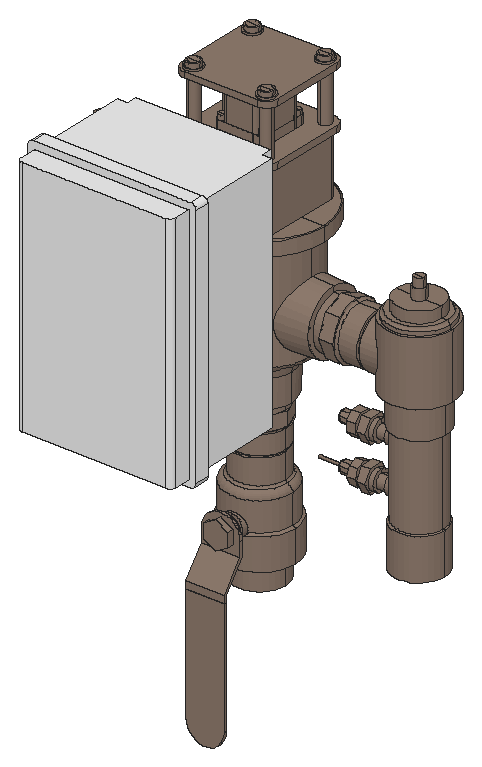
Revit family "Mixing_Valve-Leonard_Valve_Company-NV_200_LF", category Pipe Accessories, Revit 2015
Parameters (values of type "NV-200-LF-IF-RTS")
  Youtube clip = ""
  Weight Net (Kg) = "0"
  Uniformat II Description = ""
  Uniformat II Code = ""
  Uniclass 2015 Name = ""
  Uniclass 2015 Code = ""
  Uniclass 2.0 Description = ""
  Uniclass 2.0 Code = ""
  Uniclass 1.4 Description = ""
  Uniclass 1.4 Code = ""
  URL = "http://www.leonardvalve.com/"
  UNSPSC Code = "401416"
  Technical description = "http://www.leonardvalvecompany.com/assets/s-nv-200-lf.pdf"
  Valve Box Material = Steel-Leonard_Valve_Company-Baked_White
  Region South America = "None"
  Region Oceania = "None"
  Region North America = "US"
  Region Middle East = "None"
  Region Europe = "None"
  Region Asia = "None"
  Region Antarctica = "None"
  Region Africa = "None"
  QR code = "http://bimobject.com/leonardvalvecompany/product/nv-200-lf"
  Product url = "http://www.leonardvalvecompany.com/nucleus.html"
  Product group = "Digitally Controlled Mixing Valves"
  Product family = "Mixing Valves for Liquid Services"
  Product data url = "https://bimobject.com/leonardvalvecompany/product/nv-200-lf"
  Product certification = ""
  Product SKU = "nv-200-lf"
  Product Guid = "8154d185-48c7-40f6-a42f-7a30feb6d15a"
  Pipe Radius 1.0 = 1.0625"
  Outlet Flow [instance] = 0.0 L/s
  OmniClass Description = "Mixing Valves"
  OmniClass Code = "23-27 31 29"
  Nominal width = 0.0000"
  Nominal height = 0.0000"
  Tee Fittings = 7.0000"
  NF-200-LF-IF-RTS Double Teel Fittings = yes
  NBS Reference Description = ""
  NBS Reference Code = ""
  Model = "NV-200-LF"
  Material secondary = ""
  Material main = ""
  Masterformat 2014 Description = ""
  Masterformat 2014 Code = ""
  Manufacturer name = "Leonard Valve Company"
  Manufacturer country = "United States"
  Manufacturer = "Leonard Valve Company"
  Installation instructions = ""
  IFC Classification = "Valve"
  Hot Water Inlet Flow [instance] = 0.0 L/s
  Edition number = 1
  EAN code = ""
  Design country = "United States"
  Description = "The Nucleus Digitally Controlled Mixing Valve from Leonard Valve Company serves as the central monitor & control of a Domestic Hot Water System. The Nucleus Digitally Controlled Mixing Valve capabilities include:\r\n\r\n+/- 2°F Mixed Water Temperature in accordance with ASSE 1017-2009.\r\n+/- 2°F Mixed Water Temperature during periods of low or no system demand\r\n0.5 GPM Minimum Flow with Continuously Operating Recirculation Pump\r\nAutomatic Shutoff of Valve upon Cold or Hot Supply Failure\r\nSystem Setup & Commissioning from Nucleus Control Module–no PC or Laptop Required\r\nLCD Display & Sensor Indicators – Set Point Temperature & Actual Temperature\r\nBMS Interface – Native Support for Six Different Protocols including BACnet & Modbus\r\nEthernet Connection for PC or LAN for Valve Programming or Interrogation\r\nWeb Server to remotely monitor & control Nucleus Mixing Valve\r\nData Logger – stores up to 30 days of temperatures, pressure & flows\r\nNucleus is UL Listed & Approved to E484833. Eco-Mix Certified Lead Free Construction"
  Date of publishing = ""
  Chilled Water Inlet Flow [instance] = 0.0 L/s
  COBIe Type Category = ""
  Pipe Material = Bronze-Leonard_Valve_Company
  Brand url = "http://www.leonardvalve.com/"
  BIMobject category = "Valves"
Types (2): name | Tee Fittings | NF-200-LF-IF-RTS Double Teel Fittings
  NV-200-LF-IF-RTS | 7.0000" | yes
  NV-200-LF BASE | 1.3210" | no
Reference planes (in)
  plane 1 "Center (Front/Back)": y = 0
  plane 2: z = 0
  plane 3 "Center (Left/Right)": x = 0
  plane 4: y = -3.11676
  plane 5: z = 14.33548
  plane 6: z = 11.36005
  plane 7: z = 4.36005
  plane 8: z = 2.83788
  plane 9: z = 9.83788
  plane 10: x = -7.07336
  plane 11: x = 7.10483
Forms (in)
  Sweep 1, solid, material "Bronze-Leonard_Valve_Company" <- "Pipe Material", detail levels fine
    path origin (0, 0, 11.83612) x (1, 0, 0) y (0, 0, 1)
      loop
        line (0, -6.40839) -> (0, -6.52353)
    profile "Fitting-Profile_R1.0 : Fitting-Profile_R1.0" origin (0, 0, 5.37016) x (1, 0, 0) y (0, -1, 0)
      loop
        circle (0, 0) r 1.063
  Sweep 2, solid, material "Bronze-Leonard_Valve_Company" <- "Pipe Material", detail levels fine
    path origin (0, 0, 11.83612) x (1, 0, 0) y (0, 0, 1)
      loop
        line (-7.07336, -0.47607) -> (-7.07336, -7.47607)
    profile "Fitting-Profile_R1.0 : Fitting-Profile_R1.0" origin (-7.07336, 0, 7.86005) x (1, 0, 0) y (0, -1, 0)
      loop
        circle (0, 0) r 1.063
  Sweep 3, solid, material "Bronze-Leonard_Valve_Company" <- "Pipe Material", detail levels fine
    path origin (0, 0, 11.83612) x (1, 0, 0) y (0, 0, 1)
      loop
        line (7.10483, -1.99824) -> (7.10483, -8.99824)
    profile "Fitting-Profile_R1.0 : Fitting-Profile_R1.0" origin (7.10483, 0, 6.33788) x (1, 0, 0) y (0, -1, 0)
      loop
        circle (0, 0) r 1.063
  Sweep 4, solid, material "Bronze-Leonard_Valve_Company" <- "Pipe Material", detail levels fine
    path origin (0, 0, 0) x (1, 0, 0) y (0, 0, 1)
      loop
        line (0, 0) -> (0, 1.03147)
    profile "Fitting-Profile_R1.0 : Fitting-Profile_R1.0" origin (0, 0, 0.51574) x (-1, 0, 0) y (0, -1, 0)
      loop
        circle (0, 0) r 1.063
Lines and regions (in)
  Masking region 1, detail levels coarse+medium
    outline origin (0, 0, 0) x (1, 0, 0) y (0, 1, 0)
      loop
        circle (0, 0) r 2.88589
  model lines, detail levels coarse+medium
    curve 1: line (3.739, 0, 19.66179) -> (-3.739, 0, 19.66179)
    curve 2: line (-3.739, 0, 19.66179) -> (-3.739, 0, 8.31879)
    curve 3: line (-3.739, 0, 8.31879) -> (3.739, 0, 8.31879)
    curve 4: line (3.739, 0, 19.66179) -> (3.739, 0, 8.31879)
    curve 5: line (-3.739, 0, 12.79328) -> (-7.07336, 0, 12.79328)
    curve 6: line (-7.07336, 0, 12.79328) -> (-7.07336, 0, 4.36034)
    curve 7: line (3.739, 0, 11.26106) -> (7.10483, 0, 11.26106)
    curve 8: line (7.10483, 0, 11.26106) -> (7.10483, 0, 2.82813)
    curve 9: line (-0.94662, 0, 4.48931) -> (0.94662, 0, 4.48931)
    curve 10: line (0.94662, 0, 4.48931) -> (0, 0, 2.61949)
    curve 11: line (-0.94662, 0, 4.48931) -> (0, 0, 2.61949)
    curve 12: line (-0.23447, 0, 0.74967) -> (0.23447, 0, 0.74967)
    curve 13: line (0.94662, 0, 0.74967) -> (0, 0, 2.61949)
    curve 14: line (-0.94662, 0, 0.74967) -> (0, 0, 2.61949)
    curve 15: line (0, 0, 2.61949) -> (-1.5, 0, 2.61949)
    curve 16: line (-1.5, 0, 3.36949) -> (-1.5, 0, 1.86949)
    curve 17: line (0, 0, 8.31879) -> (0, 0, 4.48931)
    curve 18: line (-0.94662, 0, 0.74967) -> (0.94662, 0, 0.74967)
    curve 19: line (0, 0, 0.74967) -> (0, 0, 0)
  symbolic lines, detail levels coarse+medium
    curve 20: line (-7.07336, 0, 0) -> (-2.89593, 0, 0)
    curve 21: line (2.89593, 0, 0) -> (7.10483, 0, 0)
Dimensions and locks (in)
  locked: plane 5 to level at 14.33548
  locked: plane 5 to plane 6 at 2.97543
  "Tee Fittings": plane 6 to plane 7
  locked: plane 5 to plane 9 at 4.4976
  "Tee Fittings": plane 9 to plane 8
  plane 11 to plane 3 "Center (Left/Right)" to plane 10 = 7.10483" locked, 7.07336" locked
  locked: plane 1 "Center (Front/Back)" to plane 4 at 3.11676
  aligned and locked: level to plane 2
  aligned and locked: plane 6 to Sweep 2 sketch curve
  aligned and locked: plane 7 to Sweep 2 sketch curve
  aligned and locked: plane 9 to Sweep 3 sketch curve
  aligned and locked: plane 8 to Sweep 3 sketch curve
  aligned and locked: nested 2 to Sweep 1 sketch curve
  aligned and locked: nested 5 to Sweep 1 sketch curve
  aligned and locked: nested 5 to Sweep 4 sketch curve
  aligned and locked: plane 2 to Sweep 4 sketch curve
  aligned and locked: plane 3 "Center (Left/Right)" to Sweep 4 sketch curve
  aligned and locked: curve 3 to curve 17
  aligned and locked: curve 3 to nested 1
  aligned and locked: nested 3 to plane 10
  aligned and locked: plane 11 to nested 4
  aligned and locked: Sweep 3 sketch curve to plane 11
  aligned and locked: Sweep 2 sketch curve to plane 10
Automatic sketch dimensions
  Sweep 1 sketch curve to plane 3 "Center (Left/Right)" = 0.0000"
  curve 15 to plane 3 "Center (Left/Right)" = 0.0000"
  curve 19 to level = 0.0000"
  curve 19 to plane 3 "Center (Left/Right)" = 0.0000"
  curve 17 to plane 3 "Center (Left/Right)" = 0.0000"
  curve 14 to curve 19 = 0.94662"
  curve 9 to curve 17 = 0.94662"
  curve 2 to curve 17 = 3.7390"
  curve 6 to plane 6 = 1.43322"
  curve 6 to curve 5 = 3.33436"
  plane 3 "Center (Left/Right)" to curve 10 = 0.94662"
  plane 3 "Center (Left/Right)" to curve 18 = 0.94662"
  plane 3 "Center (Left/Right)" to curve 3 = 3.7390"
  plane 6 to curve 7 = 0.09899"
  curve 7 to curve 7 = 3.36583"
  curve 2 to plane 5 = 5.32631"
  curve 12 to curve 19 = 0.23447"
  curve 15 to curve 10 = 1.5000"
  plane 3 "Center (Left/Right)" to curve 12 = 0.23447"
  curve 16 to curve 15 = 0.7500"
  curve 8 to plane 8 = 0.00975"
  curve 6 to plane 7 = 0.00029"
  curve 10 to curve 9 = 1.86982"
  curve 15 to curve 16 = 0.7500"
  level to curve 18 = 0.74967"
  curve 19 to curve 13 = 1.86982"
  curve 12 to curve 19 = 0.0000"
  plane 1 "Center (Front/Back)" to curve 20 = 0.0000"
  curve 20 to plane 10 = 0.0000"
  plane 1 "Center (Front/Back)" to curve 21 = 0.0000"
  curve 21 to plane 11 = 0.0000"
  curve 20 to plane 3 "Center (Left/Right)" = 2.89593"
  plane 3 "Center (Left/Right)" to curve 21 = 2.89593"
  plane 1 "Center (Front/Back)" to Masking region 1 sketch curve = 0.0000"
  Masking region 1 sketch curve to plane 3 "Center (Left/Right)" = 0.0000"
  radius of Masking region 1 sketch curve = 2.88589"
Nested families (in)
  nested 1: "Box_NV-150-LF" at (0, -6.14776, 8.31879), type "Box_NV-150-LF", detail levels fine
  nested 2: "Nucleus_Mixing-Valve_Leonard-Valve-Company_NV-200-LF" at (0, 0, 11.83612), type "NV-150-RF-IF-RTS", detail levels fine
  nested 3: "Fitting-Tee_NV-200-LF" at (-7.07336, 0, 7.19469) x (-1, 0, 0) z (0, 0, 1), visible <- "NF-200-LF-IF-RTS Double Teel Fittings", type "Fitting-Tee_NV-200-LF"
  nested 4: "Fitting-Tee_NV-200-LF" at (7.10483, 0, 5.67634), visible <- "NF-200-LF-IF-RTS Double Teel Fittings", type "Fitting-Tee_NV-200-LF"
  nested 5: "Valve-Ball_NV-200-LF" at (0, 0, 3.44753), type "Valve-Ball_NV-200-LF", detail levels fine
Connectors (in)
  piping at (-7.07336, 0, 4.36005), diameter 2, driven by "Hot Water Inlet Flow"
    settings: on Sweep 2, index 3, connector inside diameter 609.6 mm, connector length 0.0000", flow factor 0, pipe flow 0.0 L/s, pressure drop 0.0 Pa, fitting loss kfactor 0, connector angle 0.00°, fixture units 0, engagement length 0.0000", angle of deflection 0.00°, flow configuration 0, flow direction 1, fitting loss method 0, system type 19, joint type 0, gender type 0, connector reference index -1, connector utility 0, adjustable connector no, is connector primary yes, connector description "Hot Water Inlet"
  piping at (7.10483, 0, 2.83788), diameter 2, driven by "Chilled Water Inlet Flow"
    settings: on Sweep 3, index 4, connector inside diameter 609.6 mm, connector length 0.0000", flow factor 0, pipe flow 0.0 L/s, pressure drop 0.0 Pa, fitting loss kfactor 0, connector angle 0.00°, fixture units 0, engagement length 0.0000", angle of deflection 0.00°, flow configuration 0, flow direction 1, fitting loss method 0, system type 20, joint type 0, gender type 0, connector reference index -1, connector utility 0, adjustable connector no, is connector primary no, connector description "Chilled Water Inlet"
  piping at (0, 0, 0), diameter 2, driven by "Outlet Flow"
    settings: on Sweep 4, index 5, connector inside diameter 609.6 mm, connector length 0.0000", flow factor 0, pipe flow 0.0 L/s, pressure drop 0.0 Pa, fitting loss kfactor 0, connector angle 0.00°, fixture units 0, engagement length 0.0000", angle of deflection 0.00°, flow configuration 0, flow direction 2, fitting loss method 0, system type 29, joint type 0, gender type 0, connector reference index -1, connector utility 0, adjustable connector no, is connector primary no, connector description "Outlet"
Definition of nested family "Box_NV-150-LF"
  Parameters (values of type "Box_NV-150-LF")
    Material = none
    Default Elevation = 48.0000"
  Reference planes (in)
    plane 1 "Center (Front/Back)": y = 0
    plane 2: z = 0
    plane 3 "Center (Left/Right)": x = 0
    plane 4: x = -3.739
    plane 5: x = 3.739
    plane 6: y = 2.5773
    plane 7: y = -3.031
    plane 8: y = 3.031
    plane 9: y = -1.41131
    plane 10: y = -1.72541
    plane 11: y = -2.03453
    plane 12: z = 11.343
  Forms (in)
    Extrusion 1, solid, material <- "Material"
      sketch origin (0, 0, 0) x (1, 0, 0) y (0, 1, 0)
        loop
          line (-3.42988, 2.5773) -> (-3.42988, -2.78239)
          arc (-3.42988, -2.78239) -> (-3.35707, -2.95818) -> (-3.18127, -3.031) r 0.24861
          line (-3.18127, -3.031) -> (3.17692, -3.031)
          arc (3.17692, -3.031) -> (3.35271, -2.95818) -> (3.42553, -2.78239) r 0.24861
          line (3.42553, -2.78239) -> (3.42553, 2.5773) -> (2.98653, 2.5773) -> (2.98653, 3.031) -> (-2.99114, 3.031) -> (-2.99114, 2.5773) -> (-3.42988, 2.5773)
      from 0.30912 to 11.02849
    Sweep 2, solid, material <- "Material"
      path origin (0, 0, 0) x (1, 0, 0) y (0, 1, 0)
        loop
          line (-3.739, -2.03453) -> (-3.739, -1.41131)
      profile origin (-3.739, -1.72292, 0) x (-1, 0, 0) y (0, 0, 1)
        loop
          arc (0.00063, 11.0933) -> (-0.07238, 11.26958) -> (-0.24866, 11.34259) r 0.24929
          line (-0.24866, 11.34259) -> (-7.22871, 11.34259)
          arc (-7.22871, 11.34259) -> (-7.40499, 11.26958) -> (-7.478, 11.0933) r 0.24929
          line (-7.478, 11.0933) -> (-7.478, 0.24929)
          arc (-7.478, 0.24929) -> (-7.41044, 0.07844) -> (-7.2443, 0) r 0.24981
          line (-7.2443, 0) -> (-0.21937, 0)
          arc (-0.21937, 0) -> (-0.06223, 0.08304) -> (0.00063, 0.24929) r 0.25124
          line (0.00063, 0.24929) -> (0.00063, 11.0933)
        loop
          line (-0.30912, 11.02849) -> (-7.16888, 11.02849) -> (-7.16888, 0.30912) -> (-0.30912, 0.30912) -> (-0.30912, 11.02849)
  Dimensions and locks (in)
    equal spacing: plane 4, plane 3 "Center (Left/Right)", plane 5
    equal spacing: plane 7, plane 1 "Center (Front/Back)", plane 8
    locked: plane 12 to plane 2 at 11.343
    aligned and locked: plane 2 to level
    aligned and locked: plane 9 to Sweep 2 sketch curve
    aligned and locked: plane 11 to Sweep 2 sketch curve
    aligned and locked: Sweep 2 sketch curve to plane 4
  Automatic sketch dimensions
    plane 6 to Extrusion 1 sketch curve = 0.0000"  (x2)
    plane 8 to Extrusion 1 sketch curve = 0.0000"
    plane 7 to Extrusion 1 sketch curve = 0.0000"
    Extrusion 1 sketch curve to plane 4 = 0.30912"
    Extrusion 1 sketch curve to Extrusion 1 sketch curve = 0.24861"
    Extrusion 1 sketch curve to Extrusion 1 sketch curve = 0.43875"
    plane 5 to Extrusion 1 sketch curve = 0.75247"
    Extrusion 1 sketch curve to plane 7 = 0.24861"
    plane 5 to Extrusion 1 sketch curve = 0.56208"
    Sweep 2 sketch curve to level = 0.0000"
    level to Sweep 2 sketch curve = 0.24929"
    profile plane to Sweep 2 sketch curve = 7.4780"
    Sweep 2 sketch curve to Sweep 2 sketch curve = 0.2337"
    profile plane to Sweep 2 sketch curve = 0.24866"
    profile plane to Sweep 2 sketch curve = 0.21937"
    Sweep 2 sketch curve to profile plane = 0.00063"
    Sweep 2 sketch curve to Sweep 2 sketch curve = 10.84402"
    Sweep 2 sketch curve to Sweep 2 sketch curve = 0.0000"
    Sweep 2 sketch curve to Sweep 2 sketch curve = 0.06046"
    Sweep 2 sketch curve to Sweep 2 sketch curve = 0.06481"
    Sweep 2 sketch curve to Sweep 2 sketch curve = 0.05983"  (x3)
Definition of nested family "Nucleus_Mixing-Valve_Leonard-Valve-Company_NV-200-LF"
  Parameters (values of type "NV-150-RF-IF BASE")
    NV-150-RF-IF-RTS = no
    NV-150-LF-IF-RTS Additional part = 0.5000"
    Default Elevation = 48.0000"
    Bronze - Leonard Valve Company = none
  Types (3): name | NV-150-RF-IF-RTS | NV-150-LF-IF-RTS Additional part
    (no name) | no | 0.5000"
    NV-150-RF-IF-RTS | yes | 7.5000"
    NV-150-RF-IF BASE | no | 0.5000"
  Reference planes (in)
    plane 1 "Center (Front/Back)": y = 0
    plane 2: z = 0
    plane 3 "Center (Left/Right)": x = 0
    plane 4: y = 1.1142
    plane 5: y = -1.1142
    plane 6: y = 2.13305
    plane 7: y = -1.65625
    plane 8: y = 1.63116
    plane 9: y = -1.63116
    plane 10: z = 8.85341
    plane 11: y = 0.9282
    plane 12: y = -0.9282
    plane 13: y = 1.24452
    plane 14: y = -1.24452
    plane 15: y = 1.65625
    plane 16: y = -1.53078
    plane 17: y = 0.6535
    plane 18: y = -0.6535
    plane 19: y = 0.2185
    plane 20: y = -0.2185
    plane 21: z = -2.95114
    plane 22: y = 0.25597
    plane 23: y = -0.25597
    plane 24: y = -2.13305
    plane 25: x = -8.57905
    plane 26: z = -1.79678
    plane 27: x = 8.61051
    plane 28: y = 1.88216
    plane 29: y = -1.88216
    plane 30: z = -6.40839
  Forms (in)
    Revolve 1, solid, material <- "Bronze - Leonard Valve Company"
      sketch origin (0, 0, 0) x (1, 0, 0) y (0, 0, 1)
        loop
          line (-2.89593, 2.44924) -> (0, 2.44924) -> (0, 3.09669) -> (-2.85578, 3.09669)
          arc (-2.85578, 3.09669) -> (-2.87707, 3.08787) -> (-2.88589, 3.06657) r 0.03011
          line (-2.88589, 3.06657) -> (-2.89593, 2.44924)
        axis (0, 3.09669) -> (0, 2.44924)
      angle from 0 to 360
    Sweep 2, solid, material <- "Bronze - Leonard Valve Company"
      path origin (0, 0, 0) x (1, 0, 0) y (0, 0, 1)
        loop
          line (0, 6.07794) -> (0, 5.82699)
      profile origin (0, 0, 5.95246) x (0, -1, 0) y (1, 0, 0)
        loop
          arc (-2.13305, -1.63111) -> (-1.98605, -1.986) -> (-1.63116, -2.133) r 0.50189
          line (-1.63116, -2.133) -> (1.63116, -2.133)
          arc (1.63116, -2.133) -> (1.98605, -1.986) -> (2.13305, -1.63111) r 0.50189
          line (2.13305, -1.63111) -> (2.13305, 1.63111)
          arc (2.13305, 1.63111) -> (1.98605, 1.986) -> (1.63116, 2.133) r 0.50189
          line (1.63116, 2.133) -> (-1.63116, 2.133)
          arc (-1.63116, 2.133) -> (-1.98605, 1.986) -> (-2.13305, 1.63111) r 0.50189
          line (-2.13305, 1.63111) -> (-2.13305, -1.63111)
    Sweep 3, solid, material <- "Bronze - Leonard Valve Company"
      path origin (0, 0, 0) x (1, 0, 0) y (0, 0, 1)
        loop
          line (0, 6.07794) -> (0, 7.84962)
      profile origin (0, 0, 6.96378) x (-1, 0, 0) y (0, -1, 0)
        loop
          arc (0.58009, -1.1142) -> (0.69357, -1.05731) -> (0.73829, -0.93851) r 0.17417
          arc (0.73829, -0.93851) -> (0.79399, -0.80403) -> (0.92847, -0.74833) r 0.19019
          arc (0.92847, -0.74833) -> (1.04487, -0.70481) -> (1.10417, -0.5956) r 0.17742
          line (1.10417, -0.5956) -> (1.10417, 0.5956)
          arc (1.10417, 0.5956) -> (1.04487, 0.70481) -> (0.92847, 0.74833) r 0.17742
          arc (0.92847, 0.74833) -> (0.79399, 0.80403) -> (0.73829, 0.93851) r 0.19019
          arc (0.73829, 0.93851) -> (0.69357, 1.05731) -> (0.58009, 1.1142) r 0.17417
          line (0.58009, 1.1142) -> (-0.58009, 1.1142)
          arc (-0.58009, 1.1142) -> (-0.69357, 1.05731) -> (-0.73829, 0.93851) r 0.17417
          arc (-0.73829, 0.93851) -> (-0.79399, 0.80403) -> (-0.92847, 0.74833) r 0.19019
          arc (-0.92847, 0.74833) -> (-1.04487, 0.70481) -> (-1.10417, 0.5956) r 0.17742
          line (-1.10417, 0.5956) -> (-1.10417, -0.5956)
          arc (-1.10417, -0.5956) -> (-1.04487, -0.70481) -> (-0.92847, -0.74833) r 0.17742
          arc (-0.92847, -0.74833) -> (-0.79399, -0.80403) -> (-0.73829, -0.93851) r 0.19019
          arc (-0.73829, -0.93851) -> (-0.69357, -1.05731) -> (-0.58009, -1.1142) r 0.17417
          line (-0.58009, -1.1142) -> (0.58009, -1.1142)
    Sweep 4, solid, material <- "Bronze - Leonard Valve Company"
      path origin (0, 0, 0) x (1, 0, 0) y (0, 0, 1)
        loop
          line (0, 6.07794) -> (0, 6.45938)
      profile origin (0, 0, 6.26866) x (-1, 0, 0) y (0, -1, 0)
        loop
          arc (0.94938, -1.1142) -> (1.05883, -1.06887) -> (1.10417, -0.95942) r 0.15479
          line (1.10417, -0.95942) -> (1.10417, 0.95942)
          arc (1.10417, 0.95942) -> (1.05883, 1.06887) -> (0.94938, 1.1142) r 0.15479
          line (0.94938, 1.1142) -> (-0.94938, 1.1142)
          arc (-0.94938, 1.1142) -> (-1.05883, 1.06887) -> (-1.10417, 0.95942) r 0.15479
          line (-1.10417, 0.95942) -> (-1.10417, -0.95942)
          arc (-1.10417, -0.95942) -> (-1.05883, -1.06887) -> (-0.94938, -1.1142) r 0.15479
          line (-0.94938, -1.1142) -> (0.94938, -1.1142)
    Sweep 5, solid, material <- "Bronze - Leonard Valve Company"
      path origin (-4.39662, 1.63116, 47.24409) x (-1, 0, 0) y (0, 0, 1)
        loop
          line (-2.7755, -41.16616) -> (-2.7755, -38.90764)
      profile origin (-1.62112, 1.63116, 7.2072) x (1, 0, 0) y (0, 1, 0)
        loop
          circle (0, 0) r 0.251
    Sweep 6, solid, material <- "Bronze - Leonard Valve Company"
      path origin (-4.39662, 1.63116, 47.24409) x (-1, 0, 0) y (0, 0, 1)
        loop
          line (-6.01773, -38.90764) -> (-6.01773, -41.16616)
      profile origin (1.62112, 1.63116, 7.2072) x (0, 1, 0) y (-1, 0, 0)
        loop
          circle (0, 0) r 0.251
    Sweep 7, solid, material <- "Bronze - Leonard Valve Company"
      path origin (-4.39662, -1.63116, 47.24409) x (-1, 0, 0) y (0, 0, 1)
        loop
          line (-2.7755, -38.90764) -> (-2.7755, -41.16616)
      profile origin (-1.62112, -1.63116, 7.2072) x (0, -1, 0) y (1, 0, 0)
        loop
          circle (0, 0) r 0.251
    Sweep 8, solid, material <- "Bronze - Leonard Valve Company"
      path origin (-4.39662, -1.63116, 47.24409) x (-1, 0, 0) y (0, 0, 1)
        loop
          line (-6.01773, -41.16616) -> (-6.01773, -38.90764)
      profile origin (1.62112, -1.63116, 7.2072) x (-1, 0, 0) y (0, -1, 0)
        loop
          circle (0, 0) r 0.251
    Sweep 9, solid, material <- "Bronze - Leonard Valve Company"
      path origin (0, 0, 0) x (1, 0, 0) y (0, 0, 1)
        loop
          line (0, 8.58741) -> (0, 8.33646)
      profile origin (0, 0, 8.46193) x (0, -1, 0) y (1, 0, 0)
        loop
          arc (-2.13305, -1.63111) -> (-1.98605, -1.986) -> (-1.63116, -2.133) r 0.50189
          line (-1.63116, -2.133) -> (1.63116, -2.133)
          arc (1.63116, -2.133) -> (1.98605, -1.986) -> (2.13305, -1.63111) r 0.50189
          line (2.13305, -1.63111) -> (2.13305, 1.63111)
          arc (2.13305, 1.63111) -> (1.98605, 1.986) -> (1.63116, 2.133) r 0.50189
          line (1.63116, 2.133) -> (-1.63116, 2.133)
          arc (-1.63116, 2.133) -> (-1.98605, 1.986) -> (-2.13305, 1.63111) r 0.50189
          line (-2.13305, 1.63111) -> (-2.13305, -1.63111)
    Revolve 10, solid, material <- "Bronze - Leonard Valve Company"
      sketch origin (-4.39662, 1.63116, 47.24409) x (-1, 0, 0) y (0, 0, 1)
        loop
          line (-2.7755, -38.39069) -> (-2.7755, -38.65669) -> (-2.39908, -38.65669) -> (-2.39908, -38.59646) -> (-2.4844, -38.59646) -> (-2.4844, -38.41578) -> (-2.52455, -38.39069) -> (-2.7755, -38.39069)
        axis (-2.7755, -38.39069) -> (-2.7755, -38.65669)
      angle from 0 to 360
    Revolve 11, solid, material <- "Bronze - Leonard Valve Company"
      sketch origin (-1.40981, 0.9282, 47.24409) x (-1, 0, 0) y (0, 0, 1)
        loop
          line (-0.33073, -40.78472) -> (-0.33073, -40.594) -> (-0.49164, -40.594) -> (-0.49164, -40.78472) -> (-0.33073, -40.78472)
        axis (-0.49164, -40.594) -> (-0.49164, -40.78472)
      angle from 0 to 360
    Revolve 12, solid, material <- "Bronze - Leonard Valve Company"
      sketch origin (-1.40981, 0.9282, 47.24409) x (-1, 0, 0) y (0, 0, 1)
        loop
          line (-2.32797, -40.78472) -> (-2.32797, -40.594) -> (-2.48888, -40.594) -> (-2.48888, -40.78472) -> (-2.32797, -40.78472)
        axis (-2.32797, -40.594) -> (-2.32797, -40.78472)
      angle from 0 to 360
    Revolve 13, solid, material <- "Bronze - Leonard Valve Company"
      sketch origin (-1.40981, -0.9282, 47.24409) x (-1, 0, 0) y (0, 0, 1)
        loop
          line (-0.49164, -40.594) -> (-0.49164, -40.78472) -> (-0.33073, -40.78472) -> (-0.33073, -40.594) -> (-0.49164, -40.594)
        axis (-0.49164, -40.594) -> (-0.49164, -40.78472)
      angle from 0 to 360
    Revolve 14, solid, material <- "Bronze - Leonard Valve Company"
      sketch origin (-1.40981, -0.9282, 47.24409) x (-1, 0, 0) y (0, 0, 1)
        loop
          line (-2.32797, -40.594) -> (-2.48888, -40.594) -> (-2.48888, -40.78472) -> (-2.32797, -40.78472) -> (-2.32797, -40.594)
        axis (-2.32797, -40.594) -> (-2.32797, -40.78472)
      angle from 0 to 360
    Revolve 15, solid, material <- "Bronze - Leonard Valve Company"
      sketch origin (0, 0, 0) x (1, 0, 0) y (0, 0, 1)
        loop
          line (0, 2.44924) -> (0, -4.83353) -> (1.16988, -4.83353) -> (1.16988, -4.45682) -> (1.42036, -4.45682) -> (1.45437, -3.20146) -> (1.63456, -2.52901)
          arc (1.63456, -2.52901) -> (1.68024, -2.46978) -> (1.75161, -2.44734) r 0.12472
          line (1.75161, -2.44734) -> (2.17084, -2.44734)
          arc (2.17084, -2.44734) -> (2.28253, -2.40108) -> (2.32879, -2.28939) r 0.15795
          line (2.32879, -2.28939) -> (2.32879, 2.44924) -> (0, 2.44924)
        axis (0, 2.44924) -> (0, -4.83353)
      angle from 0 to 360
    Sweep 16, solid, material <- "Bronze - Leonard Valve Company"
      path origin (0, 0, 0) x (1, 0, 0) y (0, 0, 1)
        loop
          line (0, -5.47206) -> (0, -4.83353)
      profile origin (0, 0, -5.15279) x (-1, 0, 0) y (0, -1, 0)
        loop
          line (1.23968, 0) -> (0.87511, 0.88013) -> (-0.00502, 1.2447) -> (-0.88515, 0.88013) -> (-1.23968, 0) -> (-0.88515, -0.88013) -> (-0.00502, -1.2447) -> (0.87511, -0.88013) -> (1.23968, 0)
    Revolve 17, solid, material <- "Bronze - Leonard Valve Company"
      sketch origin (0, 0, 0) x (1, 0, 0) y (0, 0, 1)
        loop
          line (-1.23968, -2.49943) -> (-1.84697, -2.49943) -> (-1.84697, -2.69943) -> (-1.89215, -2.72147) -> (-1.97244, -2.72147) -> (-1.97244, -2.95114) -> (-1.23968, -2.95114) -> (-1.23968, -2.49943)
        axis (-1.23968, -2.95114) -> (-1.97244, -2.95114)
      angle from 0 to 360
    Sweep 18, solid, material <- "Bronze - Leonard Valve Company"
      path origin (0, 0, 0) x (1, 0, 0) y (0, 0, 1)
        loop
          line (-1.97244, -2.95114) -> (-2.21335, -2.95114)
      profile origin (-2.0929, 0, -2.95114) x (0, 0, -1) y (0, -1, 0)
        loop
          line (-0.32623, -0.13513) -> (-0.13513, -0.32623) -> (0.13513, -0.32623) -> (0.32623, -0.13513) -> (0.32623, 0.13513) -> (0.13513, 0.32623) -> (-0.13513, 0.32623) -> (-0.32623, 0.13513) -> (-0.32623, -0.13513)
    Revolve 19, solid, material <- "Bronze - Leonard Valve Company"
      sketch origin (0, 0, 0) x (1, 0, 0) y (0, 0, 1)
        loop
          line (-2.21335, -2.82566) -> (-2.28362, -2.82566) -> (-2.34384, -2.76544) -> (-2.34384, -2.95114) -> (-2.21335, -2.95114) -> (-2.21335, -2.82566)
        axis (-2.21335, -2.95114) -> (-2.34384, -2.95114)
      angle from 0 to 360
    Revolve 20, solid, material <- "Bronze - Leonard Valve Company"
      sketch origin (0, 0, 0) x (1, 0, 0) y (0, 0, 1)
        loop
          line (-2.7554, -2.7303) -> (-2.81563, -2.7303) -> (-2.81563, -2.88589) -> (-3.81941, -2.88589) -> (-3.81941, -2.95114) -> (-2.7554, -2.95114) -> (-2.7554, -2.7303)
        axis (-2.7554, -2.95114) -> (-3.81941, -2.95114)
      angle from 0 to 360
    Sweep 21, solid, material <- "Bronze - Leonard Valve Company"
      path origin (0, 0, 0) x (1, 0, 0) y (0, 0, 1)
        loop
          line (-2.7554, -2.95114) -> (-2.34384, -2.95114)
      profile origin (-2.54962, 0, -2.95114) x (0, 0, 1) y (0, -1, 0)
        loop
          line (0.25597, 0.10602) -> (0.10602, 0.25597) -> (-0.10602, 0.25597) -> (-0.25597, 0.10602) -> (-0.25597, -0.10602) -> (-0.10602, -0.25597) -> (0.10602, -0.25597) -> (0.25597, -0.10602) -> (0.25597, 0.10602)
    Revolve 22, solid, material <- "Bronze - Leonard Valve Company"
      sketch origin (-4.39662, 1.63116, 47.24409) x (-1, 0, 0) y (0, 0, 1)
        loop
          line (-6.39462, -38.65669) -> (-6.01773, -38.65669) -> (-6.01773, -38.39069) -> (-6.26868, -38.39069) -> (-6.30883, -38.41578) -> (-6.30883, -38.59646) -> (-6.39462, -38.59646) -> (-6.39462, -38.65669)
        axis (-6.01773, -38.39069) -> (-6.01773, -38.65669)
      angle from 0 to 360
    Revolve 23, solid, material <- "Bronze - Leonard Valve Company"
      sketch origin (-4.39662, -1.63116, 47.24409) x (-1, 0, 0) y (0, 0, 1)
        loop
          line (-2.39908, -38.65669) -> (-2.39908, -38.59646) -> (-2.4844, -38.59646) -> (-2.4844, -38.41578) -> (-2.52455, -38.39069) -> (-2.7755, -38.39069) -> (-2.7755, -38.65669) -> (-2.39908, -38.65669)
        axis (-2.7755, -38.39069) -> (-2.7755, -38.65669)
      angle from 0 to 360
    Revolve 24, solid, material <- "Bronze - Leonard Valve Company"
      sketch origin (-4.39662, -1.63116, 47.24409) x (-1, 0, 0) y (0, 0, 1)
        loop
          line (-6.39462, -38.65669) -> (-6.01773, -38.65669) -> (-6.01773, -38.39069) -> (-6.26868, -38.39069) -> (-6.30883, -38.41578) -> (-6.30883, -38.59646) -> (-6.39462, -38.59646) -> (-6.39462, -38.65669)
        axis (-6.01773, -38.39069) -> (-6.01773, -38.65669)
      angle from 0 to 360
    Sweep 25, solid, material <- "Bronze - Leonard Valve Company"
      path origin (0, 0, 0) x (1, 0, 0) y (0, 0, 1)
        loop
          line (0, 5.82699) -> (0, 3.09669)
      profile origin (0, 0, 4.46184) x (0, -1, 0) y (1, 0, 0)
        loop
          line (-1.63116, -1.87212) -> (1.65625, -1.87212)
          arc (1.65625, -1.87212) -> (1.81736, -1.78996) -> (1.88216, -1.62112) r 0.25239
          line (1.88216, -1.62112) -> (1.88216, 1.62112)
          arc (1.88216, 1.62112) -> (1.80864, 1.7986) -> (1.63116, 1.87212) r 0.251
          line (1.63116, 1.87212) -> (-1.65625, 1.87212)
          arc (-1.65625, 1.87212) -> (-1.8168, 1.78945) -> (-1.88216, 1.62112) r 0.25463
          line (-1.88216, 1.62112) -> (-1.88216, -1.62112)
          arc (-1.88216, -1.62112) -> (-1.80864, -1.7986) -> (-1.63116, -1.87212) r 0.251
    Revolve 26, solid, material <- "Bronze - Leonard Valve Company"
      sketch origin (0, 0, 0) x (1, 0, 0) y (0, 0, 1)
        loop
          line (0, -5.47206) -> (-1.23968, -5.47206)
          arc (-1.23968, -5.47206) -> (-1.17946, -5.5074) -> (-1.15344, -5.5722) r 0.10802
          line (-1.15344, -5.5722) -> (-1.15344, -6.40839) -> (0, -6.40839) -> (0, -5.47206)
        axis (0, -5.47206) -> (0, -6.40839)
      angle from 0 to 360
  Dimensions and locks (in)
    locked: Sweep 16 sketch curve to Sweep 16 sketch curve at 2.47936
    locked: Sweep 16 sketch curve to Sweep 16 sketch curve at 2.48939
    equal spacing: Sweep 18 sketch curve, plane 1 "Center (Front/Back)", Sweep 18 sketch curve
    locked: Sweep 18 sketch curve to Sweep 18 sketch curve at 0.65246
    plane 6 to plane 15 to plane 13 to plane 4 to plane 17 to plane 19 to plane 20 to plane 18 to plane 5 to plane 14 to plane 16 to plane 7 to plane 24 = 0.4768" locked, 0.41173" locked, 0.13031" locked, 0.4607" locked, 0.4350" locked, 0.4370" locked, 0.4350" locked, 0.4607" locked, 0.13031" locked, 0.28626" locked, 0.12547" locked, 0.4768" locked
    radius of Sweep 2 sketch curve = 0.50189"  (x4)
    radius of Sweep 4 sketch curve = 0.15479"  (x4)
    radius of Sweep 3 sketch curve = 0.17742"  (x4)
    radius of Sweep 3 sketch curve = 0.19019"  (x4)
    radius of Sweep 3 sketch curve = 0.17417"  (x4)
    radius of Sweep 5 sketch curve = 0.2510"
    radius of Sweep 6 sketch curve = 0.2510"
    radius of Sweep 7 sketch curve = 0.2510"
    radius of Sweep 8 sketch curve = 0.2510"
    radius of Sweep 9 sketch curve = 0.50189"  (x4)
    radius of Sweep 25 sketch curve = 0.2510"  (x2)
    radius of Sweep 25 sketch curve = 0.25463"
    radius of Sweep 25 sketch curve = 0.25239"
    aligned and locked: level to plane 2
    aligned and locked: plane 26 to nested 1
    aligned and locked: nested 1 to plane 25
    aligned and locked: plane 3 "Center (Left/Right)" to Revolve 15 sketch curve
    aligned and locked: plane 27 to nested 2
    aligned and locked: Sweep 25 sketch curve to plane 3 "Center (Left/Right)"
    aligned and locked: Sweep 25 sketch curve to plane 28
    aligned and locked: plane 29 to Sweep 25 sketch curve
    aligned and locked: Revolve 26 sketch curve to plane 3 "Center (Left/Right)"  (x2)
  Nested families (in)
    nested 1: "Mixing-Valve_Leonard-Valve-Company_NV-200-LF_Side" at (-7.07336, 0, -1.79678) x (-1, 0, 0) z (0, 0, 1), type "Mixing-Valve_Leonard-Valve-Company_NV-200-LF_Side"
    nested 2: "Mixing-Valve_Leonard-Valve-Company_NV-200-LF_Side" at (7.10483, 0, -3.32899), type "Mixing-Valve_Leonard-Valve-Company_NV-200-LF_Side"
  Definition of nested family "Mixing-Valve_Leonard-Valve-Company_NV-200-LF_Side"
    Parameters (values of type "Mixing-Valve_Leonard-Valve-Company_NV-200-LF_Side")
      Material = none
      Default Elevation = 48.0000"
    Reference planes (in)
      plane 1 "Center (Front/Back)": y = 0
      plane 2: z = 0
      plane 3 "Center (Left/Right)": x = 0
      plane 4: y = 1.1142
      plane 5: y = -1.1142
      plane 6: y = -1.65625
      plane 7: y = 1.63116
      plane 8: y = -1.63116
      plane 9: y = 0.9282
      plane 10: y = -0.9282
      plane 11: z = 2.75393
      plane 12: y = 1.24452
      plane 13: y = -1.24452
      plane 14: y = -1.53078
      plane 15: z = 5.91845
      plane 16: x = 1.50568
      plane 17: y = 0.6535
      plane 18: y = -0.6535
      plane 19: y = 0.2185
      plane 20: y = -0.2185
      plane 21: y = 0.25597
      plane 22: y = -0.25597
      plane 23: y = 1.65625
      plane 24: z = 0
      plane 25: x = -2.79546
      plane 26: x = -1.50568
      plane 27: x = -3.43137
      plane 28: x = -6.43137
      plane 29: z = 3.9206
      plane 30: z = 4.04077
      plane 31: z = 1.4671
    Forms (in)
      Revolve 1, solid, material <- "Material"
        sketch origin (0, 0, 2.8691) x (1, 0, 0) y (0, 0, 1)
          loop
            line (0, 3.04936) -> (0, -2.8691) -> (1.18522, -2.8691) -> (1.18522, -1.42704) -> (1.50568, -1.42704) -> (1.50568, 1.42704) -> (1.3805, 1.42704) -> (1.3805, 1.58727)
            arc (1.3805, 1.58727) -> (1.29024, 1.62572) -> (1.25542, 1.71745) r 0.12518
            line (1.25542, 1.71745) -> (1.01498, 1.71745) -> (1.01498, 2.20815) -> (0.28394, 2.20815) -> (0.28394, 2.67883) -> (0.21884, 2.67883) -> (0.21884, 3.04936) -> (0, 3.04936)
          axis (0, 3.04936) -> (0, -2.8691)
        angle from 0 to 360
      Revolve 2, solid, material <- "Material"
        sketch origin (0, 0, 0) x (1, 0, 0) y (0, 0, 1)
          loop
            line (0, 3.9206) -> (-1.72894, 3.9206) -> (-1.72894, 3.82046) -> (-1.85913, 3.82046) -> (-1.85913, 3.90057) -> (-2.69532, 3.90057)
            arc (-2.69532, 3.90057) -> (-2.76715, 3.94253) -> (-2.79546, 4.02074) r 0.12217
            line (-2.79546, 4.02074) -> (-2.79546, 2.75393) -> (0, 2.75393) -> (0, 3.9206)
          axis (-2.79546, 2.75393) -> (0, 2.75393)
        angle from 0 to 360
      Sweep 3, solid, material <- "Material"
        path origin (0, 0, 0) x (1, 0, 0) y (0, 0, 1)
          loop
            line (-2.79546, 2.75393) -> (-3.43137, 2.75393)
        profile origin (-3.11342, 0, 2.75393) x (0, 0, -1) y (0, -1, 0)
          loop
            line (-1.28684, 0) -> (-0.90993, -0.90993) -> (0, -1.28684) -> (0.90993, -0.90993) -> (1.28684, 0) -> (0.90993, 0.90993) -> (0, 1.28684) -> (-0.90993, 0.90993) -> (-1.28684, 0)
      Revolve 4, solid, material <- "Material"
        sketch origin (0, 0, 0) x (1, 0, 0) y (0, 0, 1)
          loop
            line (-3.43137, 3.9206) -> (-3.80691, 3.9206) -> (-3.80691, 4.16595) -> (-6.43137, 4.30555) -> (-6.43137, 2.75393) -> (-3.43137, 2.75393) -> (-3.43137, 3.9206)
          axis (-6.43137, 2.75393) -> (-3.43137, 2.75393)
        angle from 0 to 360
    Dimensions and locks (in)
      aligned and locked: level to plane 2
      aligned and locked: Revolve 1 sketch curve to plane 15
      aligned and locked: plane 3 "Center (Left/Right)" to Revolve 1 sketch curve
      aligned and locked: Revolve 1 sketch curve to plane 16
      aligned and locked: Revolve 1 sketch curve to plane 3 "Center (Left/Right)"
      aligned and locked: plane 24 to Revolve 1 sketch curve
      aligned and locked: plane 25 to Revolve 2 sketch curve
      aligned and locked: Revolve 2 sketch curve to plane 11  (x2)
      aligned and locked: plane 29 to Revolve 2 sketch curve
      aligned and locked: plane 27 to Sweep 3 sketch curve
      aligned and locked: plane 25 to Sweep 3 sketch curve
      aligned and locked: plane 11 to Sweep 3 sketch curve
      aligned and locked: Revolve 4 sketch curve to plane 11  (x2)
      aligned and locked: Revolve 4 sketch curve to plane 27
      aligned and locked: plane 29 to Revolve 4 sketch curve
      aligned and locked: plane 3 "Center (Left/Right)" to Revolve 2 sketch curve
      aligned and locked: plane 28 to Revolve 4 sketch curve
Definition of nested family "Fitting-Tee_NV-200-LF"
  Parameters (values of type "Fitting-Tee_NV-200-LF")
    Material = none
  Reference planes (in)
    plane 1 "Center (Front/Back)": y = 0
    plane 2: z = 0
    plane 3 "Center (Left/Right)": x = 0
    plane 4: z = 4.16153
    plane 5: z = -2.84848
    plane 6: x = 0
    plane 7: z = 2.00095
  Forms (in)
    Revolve 1, solid, material <- "Material", detail levels fine
      sketch origin (-0.35599, 0, 0) x (1, 0, 0) y (0, 0, 1)
        loop
          line (0.35599, 4.16153) -> (-0.69552, 4.16153) -> (-0.69552, -0.92073) -> (-0.77563, -1.00084) -> (-0.77563, -2.84848) -> (0.35599, -2.84848) -> (0.35599, 4.16153)
        axis (0.35599, 4.16153) -> (0.35599, -2.84848)
      angle from 0 to 360
    Revolve 2, solid, material <- "Material", detail levels fine
      sketch origin (-0.35599, 0, 0) x (1, 0, 0) y (0, 0, 1)
        loop
          line (0, 0.3714) -> (-0.90843, 0.3714) -> (-0.90843, 0.31117) -> (-1.33002, 0.31117) -> (-1.33002, 0.45672) -> (-1.57093, 0.45672) -> (-1.57093, 0) -> (0, 0) -> (0, 0.3714)
        axis (-1.57093, 0) -> (0, 0)
      angle from 0 to 360
    Sweep 3, solid, material <- "Material", detail levels fine
      path origin (-0.35599, 0, 0) x (1, 0, 0) y (0, 0, 1)
        loop
          line (-1.94233, 0) -> (-1.57093, 0)
      profile origin (-2.11262, 0, 0) x (0, 0, 1) y (0, -1, 0)
        loop
          line (0.52197, 0.30136) -> (0, 0.60272) -> (-0.52197, 0.30136) -> (-0.52197, -0.30136) -> (0, -0.60272) -> (0.52197, -0.30136) -> (0.52197, 0.30136)
    Revolve 4, solid, material <- "Material", detail levels fine
      sketch origin (-0.35599, 0, 0) x (1, 0, 0) y (0, 0, 1)
        loop
          line (-1.94233, 0) -> (-1.94233, 0.36638) -> (-2.0678, 0.36638) -> (-2.0678, 0) -> (-1.94233, 0)
        axis (-2.0678, 0) -> (-1.94233, 0)
      angle from 0 to 360
    Sweep 5, solid, material <- "Material", detail levels fine
      path origin (-0.35599, 0, 0) x (1, 0, 0) y (0, 0, 1)
        loop
          line (-2.0678, 0) -> (-2.45426, 0)
      profile origin (-2.61702, 0, 0) x (0, 0, -1) y (0, -1, 0)
        loop
          line (-0.52197, 0) -> (-0.36909, -0.36909) -> (0, -0.52197) -> (0.36909, -0.36909) -> (0.52197, 0) -> (0.36909, 0.36909) -> (0, 0.52197) -> (-0.36909, 0.36909) -> (-0.52197, 0)
    Revolve 6, solid, material <- "Material", detail levels fine
      sketch origin (-0.35599, 0, 0) x (1, 0, 0) y (0, 0, 1)
        loop
          line (-2.45426, 0) -> (-2.45426, 0.12547) -> (-2.52453, 0.12547) -> (-2.58475, 0.17601) -> (-2.58475, 0) -> (-2.45426, 0)
        axis (-2.58475, 0) -> (-2.45426, 0)
      angle from 0 to 360
    Sweep 7, solid, material <- "Material", detail levels fine
      path origin (-0.35599, 0, 0) x (1, 0, 0) y (0, 0, 1)
        loop
          line (-2.58475, 0) -> (-2.99631, 0)
      profile origin (-3.14652, 0, 0) x (0, 0, -1) y (0, -1, 0)
        loop
          line (-0.25095, -0.10395) -> (-0.10395, -0.25095) -> (0.10395, -0.25095) -> (0.25095, -0.10395) -> (0.25095, 0.10395) -> (0.10395, 0.25095) -> (-0.10395, 0.25095) -> (-0.25095, 0.10395) -> (-0.25095, -0.10395)
    Revolve 8, solid, material <- "Material", detail levels fine
      sketch origin (-0.35599, 0, 0) x (1, 0, 0) y (0, 0, 1)
        loop
          line (-2.99631, 0) -> (-2.99631, 0.22083) -> (-3.05653, 0.22083) -> (-3.05653, 0.06023) -> (-4.06032, 0.06023) -> (-4.06032, 0) -> (-2.99631, 0)
        axis (-4.06032, 0) -> (-2.99631, 0)
      angle from 0 to 360
    Revolve 9, solid, material <- "Material", detail levels fine
      sketch origin (0, 0, 0) x (1, 0, 0) y (0, 0, 1)
        loop
          line (-1.92635, 2.00095) -> (0, 2.00095) -> (0, 2.36897) -> (-1.26541, 2.36897) -> (-1.26541, 2.30889) -> (-1.68601, 2.30889) -> (-1.68601, 2.45409) -> (-1.92635, 2.45409) -> (-1.92635, 2.00095)
        axis (-1.92635, 2.00095) -> (0, 2.00095)
      angle from 0 to 360
    Sweep 10, solid, material <- "Material", detail levels fine
      path origin (0, 0, 0) x (1, 0, 0) y (0, 0, 1)
        loop
          line (-2.29688, 2.00095) -> (-1.92635, 2.00095)
      profile origin (-2.11161, 0, 2.00095) x (0, 0, 1) y (0, -1, 0)
        loop
          line (0.51824, 0.29921) -> (0, 0.59841) -> (-0.51824, 0.29921) -> (-0.51824, -0.29921) -> (0, -0.59841) -> (0.51824, -0.29921) -> (0.51824, 0.29921)
    Sweep 11, solid, material <- "Material", detail levels fine
      path origin (0, 0, 0) x (1, 0, 0) y (0, 0, 1)
        loop
          line (-2.42206, 2.00095) -> (-2.80761, 2.00095)
      profile origin (-2.61483, 0, 2.00095) x (0, 0, -1) y (0, -1, 0)
        loop
          line (-0.51824, -0.21466) -> (-0.21466, -0.51824) -> (0.21466, -0.51824) -> (0.51824, -0.21466) -> (0.51824, 0.21466) -> (0.21466, 0.51824) -> (-0.21466, 0.51824) -> (-0.51824, 0.21466) -> (-0.51824, -0.21466)
    Sweep 12, solid, material <- "Material", detail levels fine
      path origin (0, 0, 0) x (1, 0, 0) y (0, 0, 1)
        loop
          line (-3.353, 2.00095) -> (-2.93779, 2.00095)
      profile origin (-3.1454, 0, 2.00095) x (0, 0, 1) y (0, -1, 0)
        loop
          line (0.25286, 0.10474) -> (0.10474, 0.25286) -> (-0.10474, 0.25286) -> (-0.25286, 0.10474) -> (-0.25286, -0.10474) -> (-0.10474, -0.25286) -> (0.10474, -0.25286) -> (0.25286, -0.10474) -> (0.25286, 0.10474)
    Revolve 13, solid, material <- "Material", detail levels fine
      sketch origin (0, 0, 0) x (1, 0, 0) y (0, 0, 1)
        loop
          line (-2.42206, 2.36897) -> (-2.42206, 2.00095) -> (-2.29688, 2.00095) -> (-2.29688, 2.36897) -> (-2.42206, 2.36897)
        axis (-2.42206, 2.00095) -> (-2.29688, 2.00095)
      angle from 0 to 360
    Revolve 14, solid, material <- "Material", detail levels fine
      sketch origin (0, 0, 0) x (1, 0, 0) y (0, 0, 1)
        loop
          line (-2.80761, 2.12362) -> (-2.87771, 2.12362) -> (-2.93779, 2.18371) -> (-2.93779, 2.00095) -> (-2.80761, 2.00095) -> (-2.80761, 2.12362)
        axis (-2.93779, 2.00095) -> (-2.80761, 2.00095)
      angle from 0 to 360
    Revolve 15, solid, material <- "Material", detail levels fine
      sketch origin (0, 0, 0) x (1, 0, 0) y (0, 0, 1)
        loop
          line (-3.353, 2.21876) -> (-3.40847, 2.21876) -> (-3.40847, 2.00095) -> (-3.353, 2.00095) -> (-3.353, 2.21876)
        axis (-3.40847, 2.00095) -> (-3.353, 2.00095)
      angle from 0 to 360
  Lines and regions (in)
    model lines, detail levels coarse+medium
      curve 1: line (-1.26541, 0, 2.00095) -> (0, 0, 2.00095)
      curve 2: line (-1.26541, 0, 2.36897) -> (-1.26541, 0, 1.62791)
      curve 3: line (-1.26541, 0, 0) -> (0, 0, 0)
      curve 4: line (-1.26541, 0, 0.36611) -> (-1.26541, 0, -0.37495)
      curve 5: line (0, 0, 4.16153) -> (0, 0, -2.84848)
      curve 6: line (-1.13162, 0, -2.84848) -> (1.13162, 0, -2.84848)
      curve 7: line (-1.0515, 0, 4.16153) -> (1.0515, 0, 4.16153)
  Dimensions and locks (in)
    aligned and locked: level to plane 2
    aligned and locked: Revolve 2 sketch curve to plane 2
    aligned and locked: Sweep 3 sketch curve to plane 2
    aligned and locked: Revolve 4 sketch curve to plane 2
    aligned and locked: plane 2 to Sweep 5 sketch curve
    aligned and locked: Revolve 6 sketch curve to plane 2
    aligned and locked: plane 2 to Sweep 7 sketch curve
    aligned and locked: Revolve 8 sketch curve to plane 2
    aligned and locked: Revolve 9 sketch curve to plane 7
    aligned and locked: Sweep 10 sketch curve to plane 7
    aligned and locked: plane 7 to Sweep 11 sketch curve
    aligned and locked: Sweep 12 sketch curve to plane 7
    aligned and locked: Revolve 13 sketch curve to plane 7
    aligned and locked: Revolve 15 sketch curve to plane 7
Definition of nested family "Valve-Ball_NV-200-LF"
  Parameters (values of type "Valve-Ball_NV-200-LF")
    Material = none
  Reference planes (in)
    plane 1 "Center (Front/Back)": y = 0
    plane 2: z = 0
    plane 3 "Center (Left/Right)": x = 0
    plane 4: z = -0.79374
    plane 5: z = 1.86506
  Forms (in)
    Revolve 1, solid, material <- "Material"
      sketch origin (0, 0, 0) x (0, 1, 0) y (0, 0, 1)
        loop
          line (-2.04502, -0.79374) -> (0, -0.79374) -> (0, -0.24078) -> (-1.59943, -0.24078) -> (-1.59943, -0.39158) -> (-2.04502, -0.39158) -> (-2.04502, -0.79374)
        axis (0, -0.79374) -> (-2.04502, -0.79374)
      angle from 0 to 360
    Sweep 2, solid, material <- "Material"
      path origin (0, -0.42939, 0) x (0, 1, 0) y (0, 0, 1)
        loop
          line (-1.71263, 0) -> (-1.9851, 0)
      profile origin (0, -2.27826, 0) x (0, 0, -1) y (1, 0, 0)
        loop
          line (0.18287, 0) -> (0.4883, -0.52903) -> (1.09918, -0.52903) -> (1.40461, 0) -> (1.09918, 0.52903) -> (0.4883, 0.52903) -> (0.18287, 0)
    Sweep 3, solid, material <- "Material"
      path origin (0, -0.42939, -0.85329) x (0, 1, 0) y (0, 0, 1)
        loop
          line (-1.61563, -0.00043) -> (-1.71263, -0.00043)
      profile origin (0, -2.09352, -0.85372) x (0, 0, -1) y (1, 0, 0)
        loop
          arc (0, 0.85622) -> (-0.85372, 0.0025) -> (0, -0.85122) r 0.85372
          line (0, -0.85122) -> (0.66972, -0.85122) -> (0.66972, 0.85622) -> (0, 0.85622)
    Sweep 4, solid, material <- "Material"
      path origin (0, -0.42939, -0.85329) x (0, 1, 0) y (0, 0, 1)
        loop
          line (-2.488, -2.08706) -> (-2.585, -2.08706)
      profile origin (0, -2.96589, -2.94035) x (0, 0, -1) y (1, 0, 0)
        loop
          line (0, 0.85622) -> (0, -0.85122) -> (5.14036, -0.85122)
          arc (5.14036, -0.85122) -> (5.99408, 0.0025) -> (5.14036, 0.85622) r 0.85372
          line (5.14036, 0.85622) -> (0, 0.85622)
    Extrusion 5, solid, material <- "Material"
      sketch origin (0, -0.42939, -0.85329) x (0, 1, 0) y (0, 0, 1)
        loop
          line (-1.61563, -0.66972) -> (-1.61563, -0.63726) -> (-1.71263, -0.63726) -> (-2.585, -1.79494) -> (-2.585, -2.08706) -> (-2.488, -2.08706) -> (-2.488, -1.8274) -> (-1.61563, -0.66972)
      from -0.85122 to 0.85622
    Revolve 6, solid, material <- "Material"
      sketch origin (0, 0, 0) x (1, 0, 0) y (0, 0, 1)
        loop
          line (0, 1.86506) -> (0, -3.44753) -> (1.15165, -3.44753) -> (1.15165, -2.41606) -> (1.6123, -2.41606) -> (1.6073, -1.01405)
          arc (1.6073, -1.01405) -> (1.52947, -0.98902) -> (1.47711, -0.92624) r 0.14679
          line (1.47711, -0.92624) -> (1.47711, 0.35791)
          arc (1.47711, 0.35791) -> (1.41084, 0.54335) -> (1.2513, 0.6588) r 0.33256
          arc (1.2513, 0.6588) -> (1.17989, 0.69956) -> (1.15165, 0.77678) r 0.11967
          line (1.15165, 0.77678) -> (1.15165, 1.86506) -> (0, 1.86506)
        axis (0, 1.86506) -> (0, -3.44753)
      angle from 0 to 360
  Cuts and joins
    joined: Sweep 3, Extrusion 5
  Lines and regions (in)
    model lines
      curve 1: line (0, -2.488, -2.08706) -> (0, -2.585, -2.08706)
  Dimensions and locks (in)
    aligned and locked: level to plane 2
    aligned and locked: Sweep 2 sketch curve to plane 2
    aligned and locked: plane 3 "Center (Left/Right)" to Revolve 6 sketch curve
    aligned and locked: Revolve 6 sketch curve to plane 3 "Center (Left/Right)"
    aligned and locked: Revolve 1 sketch curve to plane 1 "Center (Front/Back)"
    aligned and locked: cut or joined group of Sweep 3, Extrusion 5 to Sweep 4
    aligned and locked: Sweep 4 to cut or joined group of Sweep 3, Extrusion 5
    aligned and locked: Revolve 1 sketch curve to plane 4
    aligned and locked: plane 4 to Revolve 1 sketch curve
